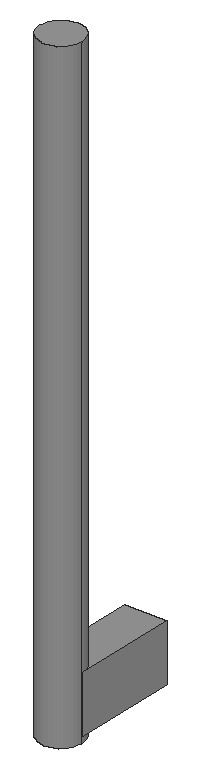
Revit family "KEUCO_14963010002", category Sonderausstattung, Revit 2016
Family settings
  Teiletyp = Normal
  Bemaßung runder Anschluss = Durchmesser verwenden
  Arbeitsebenenbasiert = Nein
  Immer vertikal = Ja
  Beim Laden mit Abzugskörper schneiden = Nein
  Gemeinsam genutzt = Nein
  Raumberechnungspunkt = Nein
Parameters (values of type "14963070002")
  Verwendung = "GWC / WC"  # constant formula
  URL = "https://www.keuco.com/de/produkte/sortiment/artikel/?pid=14963&oid=2&pgo=16&country=de&lang=de&vid=14963070002"
  Serie = "Plan"  # constant formula
  Preisgruppe = "1"  # constant formula
  Material Papierhalter [instance] = Verchromt
  Materialien bei Hersteller anfragen = "Anfrage zu:  objektmanagement@keuco.de"
  Kategorie = "ACC"  # constant formula
  Hersteller = "KEUCO"  # constant formula
  Gewicht = 382
  Beschreibung = "vertikale Ausführung,\r\nfür 2 Toilettenpapierrollen (Rollenbreite 100/120 mm)"
  Ausschreibungstext = "KEUCO PLAN Toilettenpapier-Ersatzrollenhalter 2-fach, 14963070002\r\nToilettenpapier-Ersatzrollenhalter aus hochwertigem Edelstahl \r\nzur Aufnahme von 2 WC-Papierrollen,\r\nRollenbreite 100/120 mm\r\nin ästhetischem, funktionalem Design\r\nzur senkrechten Wandmontage, mit rechteckiger Wandbefestigung,\r\nRohrdurchmesser 25mm, leicht zu reinigen,\r\nAusladung waagerecht 66 mm, freie Rohrlänge 251 mm, Gesamthöhe 297 mm,\r\nder Toilettenpapier-Ersatzrollenhalter wird verdeckt angebracht,\r\nLieferung inkl. korrosionsfreiem Befestigungsmaterial"
  Artikelnummer = "14963070002"
Types (4, lengths in mm): name | URL | Material Papierhalter | Materialien bei Hersteller anfragen | Beschreibung | Ausschreibungstext | Artikelnummer
  (no name) | "https://www.keuco.com" | Verchromt | "Request to:  objektmanagement@keuco.de" | "--" | "" | "14963010002"
  14963010002 | "https://www.keuco.com/de/produkte/sortiment/artikel/?pid=14963&oid=2&pgo=16&country=de&lang=de&vid=14963010002" | Verchromt | "Request to:  objektmanagement@keuco.de" | "vertikale Ausführung,\r\nfür 2 Toilettenpapierrollen (Rollenbreite 100/120 mm)" | "KEUCO PLAN Toilettenpapier-Ersatzrollenhalter 2-fach, 14963010002\r\nhochglanzverchromter Toilettenpapier-Ersatzrollenhalter \r\nzur Aufnahme von 2 WC-Papierrollen,\r\nRollenbreite 100/120 mm,\r\nin ästhetischem, funktionalem Design\r\nzur senkrechten Wandmontage, mit rechteckiger Wandbefestigung,\r\nRohrdurchmesser 25mm, leicht zu reinigen,\r\nAusladung waagerecht 66 mm, freie Rohrlänge 251 mm, Gesamthöhe 297 mm,\r\nder Toilettenpapier-Ersatzrollenhalter wird verdeckt angebracht,\r\nLieferung inkl. korrosionsfreiem Befestigungsmaterial" | "14963010002"
  14963070002 | "https://www.keuco.com/de/produkte/sortiment/artikel/?pid=14963&oid=2&pgo=16&country=de&lang=de&vid=14963070002" | Verchromt | "Anfrage zu:  objektmanagement@keuco.de" | "vertikale Ausführung,\r\nfür 2 Toilettenpapierrollen (Rollenbreite 100/120 mm)" | "KEUCO PLAN Toilettenpapier-Ersatzrollenhalter 2-fach, 14963070002\r\nToilettenpapier-Ersatzrollenhalter aus hochwertigem Edelstahl \r\nzur Aufnahme von 2 WC-Papierrollen,\r\nRollenbreite 100/120 mm\r\nin ästhetischem, funktionalem Design\r\nzur senkrechten Wandmontage, mit rechteckiger Wandbefestigung,\r\nRohrdurchmesser 25mm, leicht zu reinigen,\r\nAusladung waagerecht 66 mm, freie Rohrlänge 251 mm, Gesamthöhe 297 mm,\r\nder Toilettenpapier-Ersatzrollenhalter wird verdeckt angebracht,\r\nLieferung inkl. korrosionsfreiem Befestigungsmaterial" | "14963070002"
  14963170002 | "https://www.keuco.com/de/produkte/sortiment/artikel/?pid=14963&oid=2&pgo=16&country=de&lang=de&vid=14963170002" | Aluminium silber-eloxiert (E6 EV1) | "Request to:  objektmanagement@keuco.de" | "vertikale Ausführung,\r\nfür 2 Toilettenpapierrollen (Rollenbreite 100/120 mm)" | "KEUCO PLAN Toilettenpapier-Ersatzrollenhalter 2-fach, 14963170002\r\nToilettenpapier-Ersatzrollenhalter aus silber-eloxiertem Aluminium (E6 EV1)/verchromt\r\nzur Aufnahme von 2 WC-Papierrollen,\r\nRollenbreite 100/120 mm\r\nin ästhetischem, funktionalem Design\r\nzur senkrechten Wandmontage, mit rechteckiger Wandbefestigung,\r\nRohrdurchmesser 25mm, leicht zu reinigen,\r\nAusladung waagerecht 66 mm, freie Rohrlänge 251 mm, Gesamthöhe 297 mm,\r\nder Toilettenpapier-Ersatzrollenhalter wird verdeckt angebracht,\r\nLieferung inkl. korrosionsfreiem Befestigungsmaterial" | "14963170002"
Reference planes
  plane 1 "Center (Front/Back)": y = 0
  plane 2: z = 0
  plane 3 "Center (Left/Right)": x = 0
  plane 4: y = -66.5
Forms (mm)
  Extrusion 1, solid, material "Verchromt" <- "Material Papierhalter"
    sketch origin (0, 33.48, -30.828) x (1, 0, 0) y (0, 1, 0)
      loop
        line (11, -88.98) -> (11, -33.48) -> (-11, -33.48) -> (-11, -88.98)
        arc (-11, -88.98) -> (0, -77.98) -> (11, -88.98) r 11
    from 0.828 to 30.828
  Extrusion 2, solid, material "Verchromt" <- "Material Papierhalter"
    sketch origin (0, -28, -86.93) x (1, 0, 0) y (0, 1, 0)
      loop
        circle (0, -27.5) r 11
    from 53.812 to 383.93
Lines and regions (mm)
  symbolic lines, style "SpecialityEquipment"
    curve 1: line (-11, 0, 0) -> (11, 0, 0)
    curve 2: line (11, 0, 0) -> (11, -55.5, 0)
    curve 3: line (-11, 0, 0) -> (-11, -55.5, 0)
    curve 4: arc (-11, -55.5, 0) -> (0, -66.5, 0) -> (11, -55.5, 0) r 11
Dimensions and locks
  plane 1 "Center (Front/Back)" to plane 4 = 66.5 mm
  aligned and locked: level to plane 2
